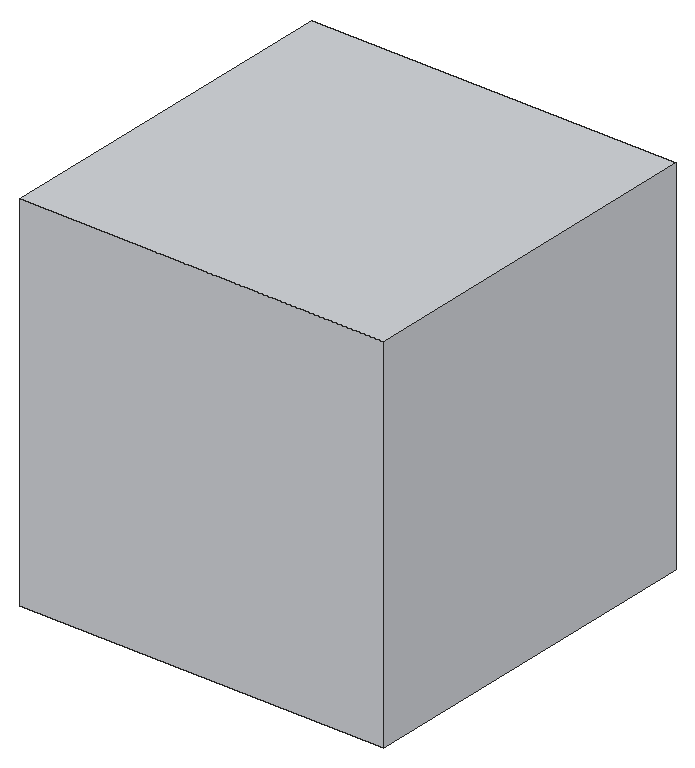
Revit family "Access_Point", category Furniture, Revit 2024
Family settings
  Work Plane-Based = No
  Enable Cutting in Views = Yes
  Always vertical = Yes
  Cut with Voids When Loaded = No
  Render Appearance Source = Family Geometry
  Shared = No
  Room Calculation Point = No
Parameters
  Height = 0 mm
  Default Elevation = 0 mm
Reference planes
  plane 1 "Center (Front/Back)": y = 0
  plane 2: z = 0
  plane 3 "Center (Left/Right)": x = 0
Forms (mm)
  Extrusion 1, solid
    sketch origin (0, 0, 0) x (1, 0, 0) y (0, 1, 0)
      loop
        line (-100, -100) -> (100, -100) -> (100, 100) -> (-100, 100) -> (-100, -100)
    from 0 to 200
Dimensions and locks
  aligned and locked: level to plane 2
